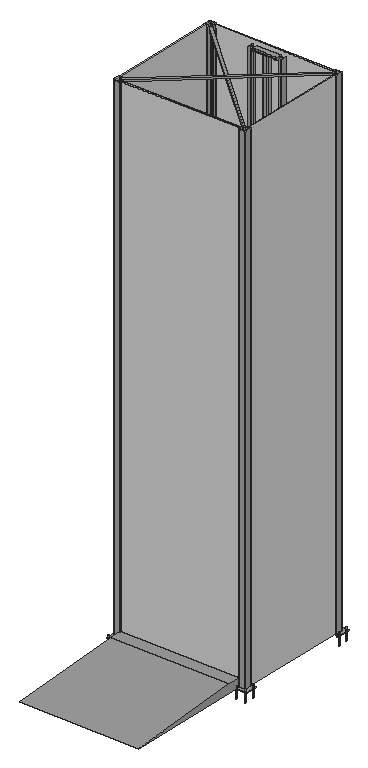
Revit family "SE_Trez_TC_T_500_With_Ramp", category Specialty Equipment, Revit 2019
Family settings
  Round Connector Dimension = Use Diameter
  Part Type = Normal
  Work Plane-Based = No
  Always vertical = Yes
  Cut with Voids When Loaded = Yes
  Shared = No
  Room Calculation Point = No
Parameters (values of type "Platform-1800x1400mm with Door Height 2500mm")
  Side Clearance = 105.0 mm  # constant formula
  Safe Working Load = 500.00 kg  # constant formula
  Safe Space = if(Cabin or Platform = Cabin, 900.0 mm, if(and(Cabin or Platform = Platform, Door Clear Height > 1900.0 mm), 600.0 mm, 0.0 mm))  # 600.0 mm
  Platform = Speciality_Equipment_Trez_Platform_Sgl_C : Platform
  Door Clear Width = Real Width  # 1800.0 mm
  Door Clear Height = 2500.0 mm
  D-Side = yes
  Clear Width = 1800.0 mm
  URL = "https://trez.bg/en/products/goods-only-lift-tc/tc-t-tower/"
  Tower Width = Real Width + 2 * Side Clearance  # 2010.0 mm
  Tower Depth = Real Depth + Side Clearance + Clearance  # 1830.0 mm
  Tower Cladding Material = TREZ_Steel_Cladding
  Real Width = if(Clear Width < 750.0 mm, 750.0 mm, if(Clear Width > 1800.0 mm, 1800.0 mm, Clear Width))  # 1800.0 mm
  Real Depth = if(Clear Depth < 800.0 mm, 800.0 mm, if(Clear Depth > 1400.0 mm, 1400.0 mm, Clear Depth))  # 1400.0 mm
  Profiles Material = TREZ_Steel
  Platform Material = TREZ_Steel
  Ramp Height = 120.0 mm  # constant formula
  Travel = 4500.0 mm
  Rail Height = Travel + Headroom  # 7600.0 mm
  Model = "TC T 500"
  Manufacturer = "TREZ Ltd."
  Headroom = Door Clear Height + Safe Space  # 3100.0 mm
  Description = "TC T is the best choice when the budget is small, but the safety requirements are high. TC T is not fixed forever to the building. It can be installed directly on the ground floor and later dismounted and installed in another place. The TC T complies with the machinery directive 2006/42/EC. From the menu below, you can choose the lift and the tower options to fit perfectly for your project."  # constant formula
  Clear Depth = 1400.0 mm
  Created By URL = "https://all1studio.com/"
  Created By = "All 1 Studio Ltd."
  Clearance = 325.0 mm  # constant formula
  Cabin or Platform = Speciality_Equipment_Trez_Platform_Sgl_C : Platform
  Cabin = Speciality_Equipment_Trez_Cabin_Sgl_C : Cabin
  C-Side = 1 = 1  # yes
  B-Side = yes
  A-Side = no
Reference planes
  plane 1 "Center (Front/Back)": y = 0
  plane 2: z = 0
  plane 3 "Center (Left/Right)": x = 0
  plane 4: x = -900
  plane 5: x = 900
  plane 6: y = 700
  plane 7: y = -700
  plane 8: x = 1005
  plane 9: y = 1025
  plane 10: x = -1005
  plane 11: y = -805
  plane 12: x = 950
  plane 13: x = -950
  plane 14: y = 970
  plane 15: y = -750
  plane 16: z = 4500
  plane 17 "Top of Lift": z = 7600
  plane 18 "Ramp": z = 120
  plane 19: x = -958.5
  plane 20: x = 958.5
  plane 21: x = -989.032
  plane 22: x = -971.032
  plane 23: y = 1009
  plane 24: y = 991
  plane 25: x = 989
  plane 26: x = 971
  plane 27: y = -789
  plane 28: y = -771
  plane 29: x = -1065
  plane 30: y = 1085
  plane 31: x = 1065
  plane 32: y = -865
  plane 33: z = 7540
  plane 34: z = 40
  plane 35: z = -145
  plane 36: y = 838.5
  plane 37: y = 1235
  plane 38: x = -900
  plane 39: y = -700
  plane 40: x = 900
  plane 41: y = 920
Forms (mm)
  Extrusion 1, solid, material "TREZ_Steel_Cladding" <- "Tower Cladding Material", detail levels coarse+medium
    sketch origin (0, 0, 0) x (1, 0, 0) y (0, 1, 0)
      loop
        line (-1005, -805) -> (-900, -805) -> (-900, -789) -> (900, -789) -> (900, -805) -> (1005, -805) -> (1005, -700) -> (989, -700) -> (989, 920) -> (1005, 920) -> (1005, 1025) -> (900, 1025) -> (900, 1009) -> (-900, 1009) -> (-900, 1025) -> (-1005, 1025) -> (-1005, 920) -> (-989.032, 920) -> (-989.032, -700) -> (-1005, -700) -> (-1005, -805)
      loop
        line (-950, -750) -> (-900, -750) -> (-900, -771) -> (900, -771) -> (900, -750) -> (950, -750) -> (950, -700) -> (971, -700) -> (971, 920) -> (950, 920) -> (950, 970) -> (900, 970) -> (900, 991) -> (-900, 991) -> (-900, 970) -> (-950, 970) -> (-950, 920) -> (-971.032, 920) -> (-971.032, -700) -> (-950, -700) -> (-950, -750)
    from 0 to 7600
  Extrusion 2, solid, material "TREZ_Steel" <- "Profiles Material", detail levels fine
    sketch origin (0, 0, 0) x (1, 0, 0) y (0, 1, 0)
      loop
        arc (-1005, -798) -> (-1002.95, -802.95) -> (-998, -805) r 7
        line (-998, -805) -> (-907, -805)
        arc (-907, -805) -> (-902.05, -802.95) -> (-900, -798) r 7
        line (-900, -798) -> (-900, -757)
        arc (-900, -757) -> (-902.05, -752.05) -> (-907, -750) r 7
        line (-907, -750) -> (-943, -750)
        arc (-943, -750) -> (-947.95, -747.95) -> (-950, -743) r 7
        line (-950, -743) -> (-950, -707)
        arc (-950, -707) -> (-952.05, -702.05) -> (-957, -700) r 7
        line (-957, -700) -> (-998, -700)
        arc (-998, -700) -> (-1002.95, -702.05) -> (-1005, -707) r 7
        line (-1005, -707) -> (-1005, -798)
      loop
        line (-903, -798) -> (-903, -757)
        arc (-903, -757) -> (-904.172, -754.172) -> (-907, -753) r 4
        line (-907, -753) -> (-943, -753)
        arc (-943, -753) -> (-950.071, -750.071) -> (-953, -743) r 10
        line (-953, -743) -> (-953, -707)
        arc (-953, -707) -> (-954.172, -704.172) -> (-957, -703) r 4
        line (-957, -703) -> (-998, -703)
        arc (-998, -703) -> (-1000.828, -704.172) -> (-1002, -707) r 4
        line (-1002, -707) -> (-1002, -798)
        arc (-1002, -798) -> (-1000.828, -800.828) -> (-998, -802) r 4
        line (-998, -802) -> (-907, -802)
        arc (-907, -802) -> (-904.172, -800.828) -> (-903, -798) r 4
      loop
        line (1005, -798) -> (1005, -707)
        arc (1005, -707) -> (1002.95, -702.05) -> (998, -700) r 7
        line (998, -700) -> (957, -700)
        arc (957, -700) -> (952.05, -702.05) -> (950, -707) r 7
        line (950, -707) -> (950, -743)
        arc (950, -743) -> (947.95, -747.95) -> (943, -750) r 7
        line (943, -750) -> (907, -750)
        arc (907, -750) -> (902.05, -752.05) -> (900, -757) r 7
        line (900, -757) -> (900, -798)
        arc (900, -798) -> (902.05, -802.95) -> (907, -805) r 7
        line (907, -805) -> (998, -805)
        arc (998, -805) -> (1002.95, -802.95) -> (1005, -798) r 7
      loop
        arc (903, -798) -> (904.172, -800.828) -> (907, -802) r 4
        line (907, -802) -> (998, -802)
        arc (998, -802) -> (1000.828, -800.828) -> (1002, -798) r 4
        line (1002, -798) -> (1002, -707)
        arc (1002, -707) -> (1000.828, -704.172) -> (998, -703) r 4
        line (998, -703) -> (957, -703)
        arc (957, -703) -> (954.172, -704.172) -> (953, -707) r 4
        line (953, -707) -> (953, -743)
        arc (953, -743) -> (950.071, -750.071) -> (943, -753) r 10
        line (943, -753) -> (907, -753)
        arc (907, -753) -> (904.172, -754.172) -> (903, -757) r 4
        line (903, -757) -> (903, -798)
      loop
        line (-1005, 1018) -> (-1005, 927)
        arc (-1005, 927) -> (-1002.95, 922.05) -> (-998, 920) r 7
        line (-998, 920) -> (-957, 920)
        arc (-957, 920) -> (-952.05, 922.05) -> (-950, 927) r 7
        line (-950, 927) -> (-950, 963)
        arc (-950, 963) -> (-947.95, 967.95) -> (-943, 970) r 7
        line (-943, 970) -> (-907, 970)
        arc (-907, 970) -> (-902.05, 972.05) -> (-900, 977) r 7
        line (-900, 977) -> (-900, 1018)
        arc (-900, 1018) -> (-902.05, 1022.95) -> (-907, 1025) r 7
        line (-907, 1025) -> (-998, 1025)
        arc (-998, 1025) -> (-1002.95, 1022.95) -> (-1005, 1018) r 7
      loop
        arc (-903, 1018) -> (-904.172, 1020.828) -> (-907, 1022) r 4
        line (-907, 1022) -> (-998, 1022)
        arc (-998, 1022) -> (-1000.828, 1020.828) -> (-1002, 1018) r 4
        line (-1002, 1018) -> (-1002, 927)
        arc (-1002, 927) -> (-1000.828, 924.172) -> (-998, 923) r 4
        line (-998, 923) -> (-957, 923)
        arc (-957, 923) -> (-954.172, 924.172) -> (-953, 927) r 4
        line (-953, 927) -> (-953, 963)
        arc (-953, 963) -> (-950.071, 970.071) -> (-943, 973) r 10
        line (-943, 973) -> (-907, 973)
        arc (-907, 973) -> (-904.172, 974.172) -> (-903, 977) r 4
        line (-903, 977) -> (-903, 1018)
      loop
        arc (1005, 1018) -> (1002.95, 1022.95) -> (998, 1025) r 7
        line (998, 1025) -> (907, 1025)
        arc (907, 1025) -> (902.05, 1022.95) -> (900, 1018) r 7
        line (900, 1018) -> (900, 977)
        arc (900, 977) -> (902.05, 972.05) -> (907, 970) r 7
        line (907, 970) -> (943, 970)
        arc (943, 970) -> (947.95, 967.95) -> (950, 963) r 7
        line (950, 963) -> (950, 927)
        arc (950, 927) -> (952.05, 922.05) -> (957, 920) r 7
        line (957, 920) -> (998, 920)
        arc (998, 920) -> (1002.95, 922.05) -> (1005, 927) r 7
        line (1005, 927) -> (1005, 1018)
      loop
        line (903, 1018) -> (903, 977)
        arc (903, 977) -> (904.172, 974.172) -> (907, 973) r 4
        line (907, 973) -> (943, 973)
        arc (943, 973) -> (950.071, 970.071) -> (953, 963) r 10
        line (953, 963) -> (953, 927)
        arc (953, 927) -> (954.172, 924.172) -> (957, 923) r 4
        line (957, 923) -> (998, 923)
        arc (998, 923) -> (1000.828, 924.172) -> (1002, 927) r 4
        line (1002, 927) -> (1002, 1018)
        arc (1002, 1018) -> (1000.828, 1020.828) -> (998, 1022) r 4
        line (998, 1022) -> (907, 1022)
        arc (907, 1022) -> (904.172, 1020.828) -> (903, 1018) r 4
    from 5 to 7600
  Extrusion 3, solid, material "TREZ_Steel_Cladding" <- "Tower Cladding Material", detail levels fine
    sketch origin (0, 0, 0) x (1, 0, 0) y (0, 1, 0)
      loop
        line (989, 920) -> (971, 920) -> (971, -700) -> (989, -700) -> (989, 920)
      loop
        line (900, 1009) -> (-900, 1009) -> (-900, 991) -> (900, 991) -> (900, 1009)
      loop
        line (900, -771) -> (-900, -771) -> (-900, -789) -> (900, -789) -> (900, -771)
      loop
        line (-971.032, -700) -> (-971.032, 920) -> (-989.032, 920) -> (-989.032, -700) -> (-971.032, -700)
    from 0 to 7600
  Extrusion 4, solid, material "TREZ_Steel" <- "Profiles Material", detail levels fine
    sketch origin (0, 0, 0) x (1, 0, 0) y (0, 1, 0)
      loop
        arc (-887, -865) -> (-882.05, -862.95) -> (-880, -858) r 7
        line (-880, -858) -> (-880, -805) -> (-900, -805) -> (-900, -750) -> (-950, -750) -> (-950, -700) -> (-1005, -700) -> (-1005, -680) -> (-1058, -680)
        arc (-1058, -680) -> (-1062.95, -682.05) -> (-1065, -687) r 7
        line (-1065, -687) -> (-1065, -858)
        arc (-1065, -858) -> (-1062.95, -862.95) -> (-1058, -865) r 7
        line (-1058, -865) -> (-887, -865)
      loop
        line (887, -865) -> (1058, -865)
        arc (1058, -865) -> (1062.95, -862.95) -> (1065, -858) r 7
        line (1065, -858) -> (1065, -687)
        arc (1065, -687) -> (1062.95, -682.05) -> (1058, -680) r 7
        line (1058, -680) -> (1005, -680) -> (1005, -700) -> (950, -700) -> (950, -750) -> (900, -750) -> (900, -805) -> (880, -805) -> (880, -858)
        arc (880, -858) -> (882.05, -862.95) -> (887, -865) r 7
      loop
        line (-887, 1085) -> (-1058, 1085)
        arc (-1058, 1085) -> (-1062.95, 1082.95) -> (-1065, 1078) r 7
        line (-1065, 1078) -> (-1065, 907)
        arc (-1065, 907) -> (-1062.95, 902.05) -> (-1058, 900) r 7
        line (-1058, 900) -> (-1005, 900) -> (-1005, 920) -> (-950, 920) -> (-950, 970) -> (-900, 970) -> (-900, 1025) -> (-880, 1025) -> (-880, 1078)
        arc (-880, 1078) -> (-882.05, 1082.95) -> (-887, 1085) r 7
      loop
        arc (887, 1085) -> (882.05, 1082.95) -> (880, 1078) r 7
        line (880, 1078) -> (880, 1025) -> (900, 1025) -> (900, 970) -> (950, 970) -> (950, 920) -> (1005, 920) -> (1005, 900) -> (1058, 900)
        arc (1058, 900) -> (1062.95, 902.05) -> (1065, 907) r 7
        line (1065, 907) -> (1065, 1078)
        arc (1065, 1078) -> (1062.95, 1082.95) -> (1058, 1085) r 7
        line (1058, 1085) -> (887, 1085)
    from 5 to 0
  Sweep 5, solid, material "TREZ_Steel" <- "Profiles Material", detail levels fine
    path origin (0, 0, 7600) x (-1, 0, 0) y (0, -1, 0)
      loop
        line (950, 750) -> (-950, -970)
    profile origin (0, 110, 7600) x (-0.671118, 0.741351, 0) y (0, 0, 1)
      loop
        line (15, 0) -> (-15, 0) -> (-15, -30) -> (15, -30) -> (15, 0)
  Sweep 6, solid, material "TREZ_Steel" <- "Profiles Material", detail levels fine
    path origin (0, 0, 7600) x (-1, 0, 0) y (0, -1, 0)
      loop
        line (950, -970) -> (-950, 750)
    profile origin (0, 110, 7600) x (0.671118, 0.741351, 0) y (0, 0, 1)
      loop
        line (-15, -60) -> (15, -60) -> (15, -30) -> (-15, -30) -> (-15, -60)
  Extrusion 7, void
    sketch origin (0, 0, 7600) x (-1, 0, 0) y (0, -1, 0)
      loop
        arc (957, -705) -> (952.05, -707.05) -> (950, -712) r 7
        line (950, -712) -> (950, -963)
        arc (950, -963) -> (947.95, -967.95) -> (943, -970) r 7
        line (943, -970) -> (907, -970)
        arc (907, -970) -> (902.05, -972.05) -> (900, -977) r 7
        line (900, -977) -> (900, -1018)
        arc (900, -1018) -> (902.05, -1022.95) -> (907, -1025) r 7
        line (907, -1025) -> (998, -1025)
        arc (998, -1025) -> (1002.95, -1022.95) -> (1005, -1018) r 7
        line (1005, -1018) -> (1005, -712)
        arc (1005, -712) -> (1002.95, -707.05) -> (998, -705) r 7
        line (998, -705) -> (957, -705)
      loop
        arc (-900, -977) -> (-902.05, -972.05) -> (-907, -970) r 7
        line (-907, -970) -> (-943, -970)
        arc (-943, -970) -> (-947.95, -967.95) -> (-950, -963) r 7
        line (-950, -963) -> (-950, -712)
        arc (-950, -712) -> (-952.05, -707.05) -> (-957, -705) r 7
        line (-957, -705) -> (-998, -705)
        arc (-998, -705) -> (-1002.95, -707.05) -> (-1005, -712) r 7
        line (-1005, -712) -> (-1005, -1018)
        arc (-1005, -1018) -> (-1002.95, -1022.95) -> (-998, -1025) r 7
        line (-998, -1025) -> (-907, -1025)
        arc (-907, -1025) -> (-902.05, -1022.95) -> (-900, -1018) r 7
        line (-900, -1018) -> (-900, -977)
      loop
        arc (-957, 665) -> (-952.05, 667.05) -> (-950, 672) r 7
        line (-950, 672) -> (-950, 743)
        arc (-950, 743) -> (-947.95, 747.95) -> (-943, 750) r 7
        line (-943, 750) -> (-907, 750)
        arc (-907, 750) -> (-902.05, 752.05) -> (-900, 757) r 7
        line (-900, 757) -> (-900, 798)
        arc (-900, 798) -> (-902.05, 802.95) -> (-907, 805) r 7
        line (-907, 805) -> (-998, 805)
        arc (-998, 805) -> (-1002.95, 802.95) -> (-1005, 798) r 7
        line (-1005, 798) -> (-1005, 672)
        arc (-1005, 672) -> (-1002.95, 667.05) -> (-998, 665) r 7
        line (-998, 665) -> (-957, 665)
      loop
        arc (950, 672) -> (952.05, 667.05) -> (957, 665) r 7
        line (957, 665) -> (998, 665)
        arc (998, 665) -> (1002.95, 667.05) -> (1005, 672) r 7
        line (1005, 672) -> (1005, 798)
        arc (1005, 798) -> (1002.95, 802.95) -> (998, 805) r 7
        line (998, 805) -> (907, 805)
        arc (907, 805) -> (902.05, 802.95) -> (900, 798) r 7
        line (900, 798) -> (900, 757)
        arc (900, 757) -> (902.05, 752.05) -> (907, 750) r 7
        line (907, 750) -> (943, 750)
        arc (943, 750) -> (947.95, 747.95) -> (950, 743) r 7
        line (950, 743) -> (950, 672)
    from -60 to 0
  Extrusion 8, solid, material "TREZ_Steel" <- "Profiles Material", detail levels fine
    sketch origin (0, 0, 0) x (1, 0, 0) y (0, 1, 0)
      loop
        circle (-1040.697, -849.303) r 6
      loop
        circle (-895.697, -849.303) r 6
      loop
        circle (-1040.697, -704.303) r 6
      loop
        circle (1040.697, -849.303) r 6
      loop
        circle (895.697, -849.303) r 6
      loop
        circle (1040.697, -704.303) r 6
      loop
        circle (-1040.697, 1069.303) r 6
      loop
        circle (-895.697, 1069.303) r 6
      loop
        circle (-1040.697, 924.303) r 6
      loop
        circle (1040.697, 1069.303) r 6
      loop
        circle (895.697, 1069.303) r 6
      loop
        circle (1040.697, 924.303) r 6
    from -145 to 40
Cuts and joins
  Extrusion 7 cuts Sweep 5
  Extrusion 7 cuts Sweep 6
  joined: Extrusion 4, Extrusion 8
Lines and regions (mm)
  symbolic lines, style "Profiles"
    curve 1: line (-1005, 1025, 0) -> (-900, 1025, 0)
    curve 2: line (-900, 1025, 0) -> (-900, 970, 0)
    curve 3: line (-900, 970, 0) -> (-950, 970, 0)
    curve 4: line (-950, 970, 0) -> (-950, 920, 0)
    curve 5: line (-950, 920, 0) -> (-1005, 920, 0)
    curve 6: line (-1005, 920, 0) -> (-1005, 1025, 0)
    curve 7: line (900, 1025, 0) -> (1005, 1025, 0)
    curve 8: line (1005, 1025, 0) -> (1005, 920, 0)
    curve 9: line (1005, 920, 0) -> (950, 920, 0)
    curve 10: line (950, 920, 0) -> (950, 970, 0)
    curve 11: line (950, 970, 0) -> (900, 970, 0)
    curve 12: line (900, 970, 0) -> (900, 1025, 0)
    curve 13: line (-1005, -700, 0) -> (-950, -700, 0)
    curve 14: line (-950, -700, 0) -> (-950, -750, 0)
    curve 15: line (-950, -750, 0) -> (-900, -750, 0)
    curve 16: line (-900, -750, 0) -> (-900, -805, 0)
    curve 17: line (-900, -805, 0) -> (-1005, -805, 0)
    curve 18: line (-1005, -805, 0) -> (-1005, -700, 0)
    curve 19: line (900, -750, 0) -> (950, -750, 0)
    curve 20: line (950, -750, 0) -> (950, -700, 0)
    curve 21: line (950, -700, 0) -> (1005, -700, 0)
    curve 22: line (1005, -700, 0) -> (1005, -805, 0)
    curve 23: line (1005, -805, 0) -> (900, -805, 0)
    curve 24: line (900, -750, 0) -> (900, -805, 0)
    curve 25: line (989, 920, 0) -> (971, 920, 0)
    curve 26: line (989, -700, 0) -> (989, 920, 0)
    curve 27: line (971, -700, 0) -> (989, -700, 0)
    curve 28: line (971, 920, 0) -> (971, -700, 0)
    curve 29: line (900, -771, 0) -> (-900, -771, 0)
    curve 30: line (900, -789, 0) -> (900, -771, 0)
    curve 31: line (-900, -789, 0) -> (900, -789, 0)
    curve 32: line (-900, -771, 0) -> (-900, -789, 0)
    curve 33: line (-971.032, -700, 0) -> (-989.032, -700, 0)
    curve 34: line (-971.032, 920, 0) -> (-971.032, -700, 0)
    curve 35: line (-989.032, 920, 0) -> (-971.032, 920, 0)
    curve 36: line (-989.032, -700, 0) -> (-989.032, 920, 0)
    curve 37: line (-900, 991, 0) -> (900, 991, 0)
    curve 38: line (-900, 1009, 0) -> (-900, 991, 0)
    curve 39: line (900, 1009, 0) -> (-900, 1009, 0)
    curve 40: line (900, 991, 0) -> (900, 1009, 0)
  symbolic lines, style "Platform"
    curve 41: line (-900, 700, 0) -> (900, 700, 0)
    curve 42: line (-900, -700, 0) -> (-900, 700, 0)
    curve 43: line (900, -700, 0) -> (-900, -700, 0)
    curve 44: line (900, 700, 0) -> (900, -700, 0)
    curve 45: line (-900, 700, 0) -> (900, -700, 0)
    curve 46: line (900, 700, 0) -> (-900, -700, 0)
  model lines, style "Profiles", detail levels coarse+medium
    curve 47: line (-950, 970, 7600) -> (950, -750, 7600)
    curve 48: line (950, 970, 7600) -> (-950, -750, 7600)
Dimensions and locks
  equal spacing: plane 4, plane 3 "Center (Left/Right)", plane 5
  "Real Width": plane 4 to plane 5
  equal spacing: plane 7, plane 1 "Center (Front/Back)", plane 6
  "Real Depth": plane 7 to plane 6
  "Side Clearance": plane 7 to plane 11
  locked: plane 12 to plane 8 at 55
  locked: plane 10 to plane 13 at 55
  locked: plane 14 to plane 9 at 55
  locked: plane 15 to plane 11 at 55
  "Travel": plane 16 to level
  locked: plane 10 to plane 19 at 46.5
  locked: plane 20 to plane 8 at 46.5
  plane 10 to plane 21 to plane 22 = 15.968 mm locked, 18.0 mm locked
  plane 24 to plane 23 to plane 9 = 18.0 mm locked, 16.0 mm locked
  plane 26 to plane 25 to plane 8 = 18.0 mm locked, 16.0 mm locked
  plane 28 to plane 27 to plane 11 = 18.0 mm locked, 16.0 mm locked
  locked: plane 29 to plane 10 at 60
  locked: plane 9 to plane 30 at 60
  locked: plane 8 to plane 31 at 60
  locked: plane 11 to plane 32 at 60
  "Headroom": plane 17 "Top of Lift" to plane 16
  locked: plane 17 "Top of Lift" to plane 33 at 60
  locked: plane 34 to level at 40
  locked: level to plane 35 at 145
  "Clearance": plane 6 to plane 9
  locked: plane 36 to plane 9 at 186.5
  locked: plane 9 to plane 37 at 210
  "Side Clearance": plane 10 to plane 4
  "Side Clearance": plane 5 to plane 8
  locked: plane 10 to plane 38 at 105
  locked: plane 39 to plane 11 at 105
  locked: plane 40 to plane 8 at 105
  locked: plane 41 to plane 9 at 105
  plane 9 to plane 11 = 1830.0 mm
  plane 10 to plane 8 = 2010.0 mm
  "Ramp Height": plane 18 "Ramp" to level
  aligned and locked: level to plane 2
  aligned and locked: plane 10 to Extrusion 1 sketch curve
  aligned and locked: plane 13 to Extrusion 1 sketch curve
  aligned and locked: plane 17 "Top of Lift" to Extrusion 1
  aligned and locked: plane 1 "Center (Front/Back)" to nested 1
  aligned and locked: plane 3 "Center (Left/Right)" to nested 1
  aligned and locked: plane 17 "Top of Lift" to Extrusion 2
  aligned and locked: Extrusion 3 sketch curve to plane 25
  aligned and locked: plane 26 to Extrusion 3 sketch curve
  aligned and locked: Extrusion 3 sketch curve to plane 23
  aligned and locked: plane 24 to Extrusion 3 sketch curve
  aligned and locked: plane 28 to Extrusion 3 sketch curve
  aligned and locked: Extrusion 3 sketch curve to plane 27
  aligned and locked: Extrusion 3 sketch curve to plane 22
  aligned and locked: plane 21 to Extrusion 3 sketch curve
  aligned and locked: plane 17 "Top of Lift" to Extrusion 3
  aligned and locked: plane 14 to Sweep 5 sketch curve
  aligned and locked: plane 12 to Sweep 5 sketch curve
  aligned and locked: plane 13 to Sweep 5 sketch curve
  aligned and locked: plane 15 to Sweep 5 sketch curve
  aligned and locked: plane 12 to Sweep 6 sketch curve
  aligned and locked: plane 15 to Sweep 6 sketch curve
  aligned and locked: plane 14 to Sweep 6 sketch curve
  aligned and locked: plane 13 to Sweep 6 sketch curve
  aligned and locked: plane 33 to Extrusion 7
  aligned and locked: plane 17 "Top of Lift" to Extrusion 7
  aligned and locked: Extrusion 8 to plane 35
  aligned and locked: plane 34 to Extrusion 8
  aligned and locked: plane 16 to nested 1
  aligned and locked: nested 3 to plane 3 "Center (Left/Right)"
  aligned and locked: plane 36 to nested 3
  aligned and locked: nested 2 to plane 3 "Center (Left/Right)"
  aligned and locked: nested 2 to plane 37
  aligned and locked: plane 4 to curve 42
  aligned and locked: Extrusion 3 sketch curve to plane 40
  aligned and locked: nested 4 to plane 3 "Center (Left/Right)"
  aligned and locked: plane 27 to nested 4
  aligned and locked: nested 3 to level
Automatic sketch dimensions
  plane 9 to Extrusion 7 sketch curve = 0.0 mm  (x2)
  plane 14 to Extrusion 7 sketch curve = 0.0 mm  (x2)
  Extrusion 7 sketch curve to plane 13 = 0.0 mm  (x2)
  Extrusion 7 sketch curve to plane 10 = 0.0 mm  (x2)
  Extrusion 7 sketch curve to Extrusion 7 sketch curve = 7.0 mm  (x9)
  plane 13 to Extrusion 7 sketch curve = 43.0 mm
  Extrusion 7 sketch curve to Extrusion 7 sketch curve = 36.0 mm  (x2)
  plane 19 to Extrusion 7 sketch curve = 1.5 mm  (x2)
  plane 10 to Extrusion 7 sketch curve = 7.0 mm
  Extrusion 7 sketch curve to plane 6 = 12.0 mm
  Extrusion 7 sketch curve to plane 8 = 0.0 mm  (x2)
  Extrusion 7 sketch curve to plane 12 = 0.0 mm  (x2)
  Extrusion 7 sketch curve to plane 6 = 5.0 mm
  plane 8 to Extrusion 7 sketch curve = 7.0 mm  (x3)
  plane 20 to Extrusion 7 sketch curve = 1.5 mm  (x2)
  Extrusion 7 sketch curve to plane 14 = 7.0 mm
  Extrusion 7 sketch curve to plane 11 = 0.0 mm  (x2)
  Extrusion 7 sketch curve to plane 15 = 0.0 mm  (x2)
  plane 12 to Extrusion 7 sketch curve = 7.0 mm
  plane 11 to Extrusion 7 sketch curve = 7.0 mm  (x2)
  plane 12 to Extrusion 7 sketch curve = 43.0 mm
  Extrusion 7 sketch curve to plane 15 = 7.0 mm
  plane 7 to Extrusion 7 sketch curve = 35.0 mm  (x2)
  plane 13 to Extrusion 7 sketch curve = 50.0 mm
  plane 13 to Extrusion 7 sketch curve = 7.0 mm
  curve 47 to plane 12 = 0.0 mm
  curve 48 to plane 12 = 0.0 mm
  curve 48 to plane 13 = 0.0 mm
  curve 47 to plane 13 = 0.0 mm
  plane 14 to curve 48 = 0.0 mm
  plane 14 to curve 47 = 0.0 mm
  curve 48 to plane 15 = 0.0 mm
  curve 47 to plane 15 = 0.0 mm
  plane 17 "Top of Lift" to Sweep 5 sketch curve = 0.0 mm
  profile plane to Sweep 5 sketch curve = 15.0 mm
  Sweep 5 sketch curve to profile plane = 15.0 mm
  Sweep 5 sketch curve to Sweep 5 sketch curve = 30.0 mm
  profile plane to Sweep 6 sketch curve = 15.0 mm
  Sweep 6 sketch curve to profile plane = 15.0 mm
  Sweep 6 sketch curve to plane 17 "Top of Lift" = 60.0 mm
  Sweep 6 sketch curve to plane 17 "Top of Lift" = 30.0 mm
  Extrusion 2 sketch curve to Extrusion 2 sketch curve = 0.0 mm  (x48)
  Extrusion 2 sketch curve to plane 10 = 0.0 mm  (x2)
  Extrusion 2 sketch curve to plane 11 = 0.0 mm  (x2)
  plane 41 to Extrusion 2 sketch curve = 0.0 mm  (x2)
  plane 9 to Extrusion 2 sketch curve = 0.0 mm  (x2)
  plane 39 to Extrusion 2 sketch curve = 0.0 mm  (x2)
  Extrusion 2 sketch curve to plane 13 = 0.0 mm  (x2)
  plane 14 to Extrusion 2 sketch curve = 0.0 mm  (x2)
  Extrusion 2 sketch curve to plane 15 = 0.0 mm  (x2)
  Extrusion 2 sketch curve to plane 38 = 0.0 mm  (x2)
  Extrusion 2 sketch curve to plane 40 = 0.0 mm  (x2)
  Extrusion 2 sketch curve to plane 12 = 0.0 mm  (x2)
  Extrusion 2 sketch curve to plane 8 = 0.0 mm  (x2)
  Extrusion 2 sketch curve to Extrusion 2 sketch curve = 3.0 mm  (x2)
  plane 10 to Extrusion 2 sketch curve = 3.0 mm
  plane 10 to Extrusion 2 sketch curve = 7.0 mm  (x2)
  Extrusion 2 sketch curve to Extrusion 2 sketch curve = 4.0 mm  (x12)
  plane 19 to Extrusion 2 sketch curve = 1.5 mm  (x2)
  Extrusion 2 sketch curve to Extrusion 2 sketch curve = 7.0 mm  (x2)
  plane 13 to Extrusion 2 sketch curve = 7.0 mm
  Extrusion 2 sketch curve to plane 40 = 3.0 mm
  Extrusion 2 sketch curve to plane 40 = 7.0 mm
  plane 12 to Extrusion 2 sketch curve = 7.0 mm
  plane 20 to Extrusion 2 sketch curve = 1.5 mm  (x2)
  plane 8 to Extrusion 2 sketch curve = 7.0 mm
  plane 9 to curve 1 = 0.0 mm
  curve 1 to plane 10 = 0.0 mm
  curve 13 to plane 10 = 0.0 mm
  curve 35 to plane 21 = 0.0 mm
  curve 34 to plane 22 = 0.0 mm
  curve 5 to plane 13 = 0.0 mm
  curve 14 to plane 13 = 0.0 mm
  curve 16 to plane 15 = 0.0 mm
  curve 16 to plane 38 = 0.0 mm
  plane 23 to curve 38 = 0.0 mm
  curve 38 to plane 38 = 0.0 mm
  curve 32 to plane 27 = 0.0 mm
  curve 32 to plane 38 = 0.0 mm
  curve 1 to plane 38 = 0.0 mm
  curve 45 to plane 5 = 0.0 mm
  plane 24 to curve 40 = 0.0 mm
  curve 40 to plane 40 = 0.0 mm
  plane 9 to curve 7 = 0.0 mm
  curve 7 to plane 40 = 0.0 mm
  curve 24 to plane 11 = 0.0 mm
  curve 24 to plane 40 = 0.0 mm
  curve 29 to plane 28 = 0.0 mm
  curve 29 to plane 40 = 0.0 mm
  curve 19 to plane 12 = 0.0 mm
  curve 10 to plane 12 = 0.0 mm
  curve 25 to plane 26 = 0.0 mm
  curve 26 to plane 25 = 0.0 mm
  curve 22 to plane 8 = 0.0 mm
  curve 7 to plane 8 = 0.0 mm
  curve 16 to plane 11 = 0.0 mm
  curve 19 to plane 15 = 0.0 mm
  plane 39 to curve 13 = 0.0 mm
  plane 39 to curve 26 = 0.0 mm
  plane 39 to curve 33 = 0.0 mm
  plane 39 to curve 22 = 0.0 mm
  plane 41 to curve 25 = 0.0 mm
  plane 41 to curve 10 = 0.0 mm
  plane 41 to curve 36 = 0.0 mm
  plane 41 to curve 4 = 0.0 mm
  plane 14 to curve 12 = 0.0 mm
  plane 14 to curve 4 = 0.0 mm
  Extrusion 1 sketch curve to plane 10 = 0.0 mm
  Extrusion 1 sketch curve to plane 21 = 0.0 mm
  Extrusion 1 sketch curve to plane 22 = 0.0 mm
  Extrusion 1 sketch curve to plane 13 = 0.0 mm
  Extrusion 1 sketch curve to plane 15 = 0.0 mm  (x2)
  Extrusion 1 sketch curve to plane 38 = 0.0 mm  (x4)
  plane 24 to Extrusion 1 sketch curve = 0.0 mm
  Extrusion 1 sketch curve to plane 11 = 0.0 mm  (x2)
  plane 9 to Extrusion 1 sketch curve = 0.0 mm  (x2)
  Extrusion 1 sketch curve to plane 40 = 0.0 mm  (x4)
  plane 23 to Extrusion 1 sketch curve = 0.0 mm
  Extrusion 1 sketch curve to plane 12 = 0.0 mm  (x2)
  Extrusion 1 sketch curve to plane 26 = 0.0 mm
  Extrusion 1 sketch curve to plane 25 = 0.0 mm
  Extrusion 1 sketch curve to plane 8 = 0.0 mm  (x2)
  Extrusion 1 sketch curve to plane 27 = 0.0 mm
  Extrusion 1 sketch curve to plane 28 = 0.0 mm
  plane 39 to Extrusion 1 sketch curve = 0.0 mm  (x4)
  plane 41 to Extrusion 1 sketch curve = 0.0 mm  (x4)
  plane 14 to Extrusion 1 sketch curve = 0.0 mm  (x2)
  Extrusion 4 sketch curve to plane 29 = 0.0 mm  (x2)
  plane 30 to Extrusion 4 sketch curve = 0.0 mm  (x2)
  Extrusion 4 sketch curve to plane 32 = 0.0 mm  (x2)
  Extrusion 4 sketch curve to plane 10 = 0.0 mm  (x2)
  Extrusion 4 sketch curve to plane 13 = 0.0 mm  (x2)
  Extrusion 4 sketch curve to plane 11 = 0.0 mm  (x2)
  Extrusion 4 sketch curve to plane 38 = 0.0 mm  (x2)
  plane 14 to Extrusion 4 sketch curve = 0.0 mm  (x2)
  plane 9 to Extrusion 4 sketch curve = 0.0 mm  (x2)
  Extrusion 4 sketch curve to plane 40 = 0.0 mm  (x2)
  Extrusion 4 sketch curve to plane 15 = 0.0 mm  (x2)
  Extrusion 4 sketch curve to plane 12 = 0.0 mm  (x2)
  Extrusion 4 sketch curve to plane 8 = 0.0 mm  (x2)
  Extrusion 4 sketch curve to plane 31 = 0.0 mm  (x2)
  plane 39 to Extrusion 4 sketch curve = 0.0 mm  (x2)
  plane 41 to Extrusion 4 sketch curve = 0.0 mm  (x2)
  Extrusion 4 sketch curve to Extrusion 4 sketch curve = 7.0 mm  (x3)
  plane 29 to Extrusion 4 sketch curve = 7.0 mm  (x3)
  plane 38 to Extrusion 4 sketch curve = 13.0 mm  (x2)
  Extrusion 4 sketch curve to Extrusion 4 sketch curve = 20.0 mm  (x3)
  plane 40 to Extrusion 4 sketch curve = 20.0 mm
  plane 31 to Extrusion 4 sketch curve = 7.0 mm  (x4)
  Extrusion 4 sketch curve to plane 39 = 13.0 mm  (x2)
  plane 41 to Extrusion 4 sketch curve = 20.0 mm  (x2)
  plane 29 to Extrusion 8 sketch curve = 24.303 mm  (x4)
  plane 39 to Extrusion 8 sketch curve = 4.303 mm  (x2)
  Extrusion 8 sketch curve to plane 41 = 4.303 mm  (x2)
  plane 38 to Extrusion 8 sketch curve = 4.303 mm  (x2)
  plane 40 to Extrusion 8 sketch curve = 4.303 mm  (x2)
  plane 31 to Extrusion 8 sketch curve = 24.303 mm  (x4)
  plane 32 to Extrusion 8 sketch curve = 15.697 mm  (x4)
  plane 30 to Extrusion 8 sketch curve = 15.697 mm  (x4)
  Extrusion 3 sketch curve to plane 4 = 0.0 mm  (x2)
  Extrusion 3 sketch curve to plane 5 = 0.0 mm
  Extrusion 3 sketch curve to plane 7 = 0.0 mm  (x2)
  plane 41 to Extrusion 3 sketch curve = 0.0 mm  (x2)
  plane 6 to curve 46 = 0.0 mm
  curve 42 to plane 7 = 0.0 mm
  radius of Extrusion 8 sketch curve = 6.0 mm  (x12)
Nested families
  nested 1: "Speciality_Equipment_Trez_Platform_Sgl_C" at (0, 0, 4500), type <- "Cabin or Platform", type "Platform"
    with Width 1800.0 mm, Depth 1400.0 mm, D-Side yes, B-Side yes
  nested 2: "Electrical_Equpment_Trez_Cabinet" at (0, 1235, 0) x (-1, 0, 0) z (0, 0, 1), type "Cabinet"
  nested 3: "Generic_Model_Trez_Rails_Sgl_C" at (0, 838.5, 0) x (0, -1, 0) z (0, 0, 1), type "Rails"
    with Height 7600.0 mm
  nested 4: "Generic_Model_Trez_Ramp" at (0, -889, 0), type "4 Degree Ramp"
    with Ramp Width 1800.0 mm
Definition of nested family "Speciality_Equipment_Trez_Platform_Sgl_C"
  Parameters (values of type "Platform")
    Width = 1300.0 mm
    Platform Material = none
    Depth = 1000.0 mm
    D-Side = no
    C-Side = yes
    B-Side = no
    A-Side = no
  Reference planes
    plane 1 "Center (Front/Back)": y = 0
    plane 2 "Bottom": z = 0
    plane 3 "Center (Left/Right)": x = 0
    plane 4: x = 650
    plane 5: x = -650
    plane 6: y = 500
    plane 7: y = -500
    plane 8: y = 535
    plane 9: z = -89
    plane 10: z = 709
    plane 11: x = -685
    plane 12: x = 685
    plane 13: y = -535
  Forms (mm)
    Extrusion 1, solid, material <- "Platform Material", visible <- "C-Side"
      sketch origin (0, 0, 0) x (1, 0, 0) y (0, 1, 0)
        loop
          line (-650, 535) -> (-650, 500) -> (650, 500) -> (650, 535) -> (-650, 535)
      from -89 to 709
    Extrusion 2, solid, material <- "Platform Material", detail levels coarse+medium
      sketch origin (0, 0, 0) x (1, 0, 0) y (0, 0, 1)
        loop
          line (-650, 0) -> (-650, -89) -> (650, -89) -> (650, 0) -> (-650, 0)
      from -500 to 500
    Extrusion 3, solid, material <- "Platform Material", detail levels fine
      sketch origin (0, 0, 0) x (1, 0, 0) y (0, 0, 1)
        loop
          line (-650, 0) -> (-650, -74)
          arc (-650, -74) -> (-645.607, -84.607) -> (-635, -89) r 15
          line (-635, -89) -> (635, -89)
          arc (635, -89) -> (645.607, -84.607) -> (650, -74) r 15
          line (650, -74) -> (650, 0) -> (-650, 0)
      from -500 to 500
    Extrusion 4, solid, material <- "Platform Material", visible <- "A-Side"
      sketch origin (0, -1035, 0) x (1, 0, 0) y (0, 1, 0)
        loop
          line (-650, 535) -> (-650, 500) -> (650, 500) -> (650, 535) -> (-650, 535)
      from -89 to 709
    Extrusion 5, solid, material <- "Platform Material", visible <- "D-Side"
      sketch origin (31.413, 20.624, 0) x (0, -1, 0) y (1, 0, 0)
        loop
          line (-514.376, 653.587) -> (-514.376, 618.587) -> (555.624, 618.587) -> (555.624, 653.587) -> (-514.376, 653.587)
      from -89 to 709
    Extrusion 6, solid, material <- "Platform Material", visible <- "B-Side"
      sketch origin (-1003.587, 20.624, 0) x (0, -1, 0) y (1, 0, 0)
        loop
          line (-514.376, 353.587) -> (-514.376, 318.587) -> (555.624, 318.587) -> (555.624, 353.587) -> (-514.376, 353.587)
      from -89 to 709
  Dimensions and locks
    equal spacing: plane 5, plane 3 "Center (Left/Right)", plane 4
    "Width": plane 5 to plane 4
    equal spacing: plane 7, plane 1 "Center (Front/Back)", plane 6
    "Depth": plane 6 to plane 7
    locked: plane 8 to plane 6 at 35
    locked: plane 2 "Bottom" to plane 9 at 89
    locked: plane 10 to plane 2 "Bottom" at 709
    locked: plane 11 to plane 5 at 35
    locked: plane 4 to plane 12 at 35
    locked: plane 13 to plane 7 at 35
    aligned and locked: level to plane 2 "Bottom"
    aligned and locked: Extrusion 1 sketch curve to plane 8
    aligned and locked: Extrusion 2 sketch curve to plane 2 "Bottom"
    aligned and locked: Extrusion 2 sketch curve to plane 9
    aligned and locked: plane 6 to Extrusion 2
    aligned and locked: plane 7 to Extrusion 2
    aligned and locked: Extrusion 3 sketch curve to plane 2 "Bottom"
    aligned and locked: Extrusion 3 sketch curve to plane 9
    aligned and locked: plane 7 to Extrusion 3
    aligned and locked: plane 6 to Extrusion 3
    aligned and locked: Extrusion 1 to plane 9
    aligned and locked: plane 5 to Extrusion 3
    aligned and locked: plane 5 to Extrusion 2
    aligned and locked: plane 5 to Extrusion 1
    aligned and locked: plane 4 to Extrusion 3
    aligned and locked: plane 4 to Extrusion 2
    aligned and locked: plane 4 to Extrusion 1
    aligned and locked: Extrusion 4 to plane 7
    aligned and locked: plane 13 to Extrusion 4
    aligned and locked: plane 4 to Extrusion 4
    aligned and locked: plane 5 to Extrusion 4
    aligned and locked: plane 12 to Extrusion 5
    aligned and locked: Extrusion 5 to plane 4
    aligned and locked: plane 8 to Extrusion 5
    aligned and locked: plane 13 to Extrusion 5
    aligned and locked: plane 11 to Extrusion 6
    aligned and locked: Extrusion 6 to plane 5
    aligned and locked: plane 8 to Extrusion 6
    aligned and locked: plane 13 to Extrusion 6
  Automatic sketch dimensions
    Extrusion 1 sketch curve to plane 5 = 0.0 mm
    Extrusion 1 sketch curve to plane 4 = 0.0 mm
    Extrusion 1 sketch curve to plane 6 = 0.0 mm
    plane 5 to Extrusion 2 sketch curve = 0.0 mm
    Extrusion 2 sketch curve to plane 4 = 0.0 mm
    plane 5 to Extrusion 3 sketch curve = 0.0 mm
    Extrusion 3 sketch curve to plane 4 = 0.0 mm
    Extrusion 3 sketch curve to plane 5 = 15.0 mm
    Extrusion 3 sketch curve to plane 4 = 15.0 mm
    Extrusion 4 sketch curve to plane 5 = 0.0 mm
    Extrusion 4 sketch curve to plane 4 = 0.0 mm
    plane 13 to Extrusion 4 sketch curve = 0.0 mm
    plane 7 to Extrusion 4 sketch curve = 0.0 mm
    plane 8 to Extrusion 5 sketch curve = 0.0 mm
    plane 13 to Extrusion 5 sketch curve = 0.0 mm
    Extrusion 5 sketch curve to plane 12 = 35.0 mm
    Extrusion 5 sketch curve to Extrusion 5 sketch curve = 35.0 mm
    plane 8 to Extrusion 6 sketch curve = 0.0 mm
    plane 13 to Extrusion 6 sketch curve = 0.0 mm
    Extrusion 6 sketch curve to plane 12 = 1370.0 mm
    Extrusion 6 sketch curve to Extrusion 6 sketch curve = 35.0 mm
Definition of nested family "Electrical_Equpment_Trez_Cabinet"
  Parameters (values of type "SE_Trez_Cabinet")
    Width = 584.0 mm
    Depth = 348.0 mm
    Cabinet Material = none
  Reference planes
    plane 1 "Center (Front/Back)": y = 0
    plane 2: z = 0
    plane 3 "Center (Left/Right)": x = 0
    plane 4: x = -292
    plane 5: x = 292
    plane 6: y = 174
    plane 7: y = -174
    plane 8: z = 100
    plane 9: z = 1000
    plane 10: x = -257
    plane 11: x = 257
  Forms (mm)
    Extrusion 1, solid, material <- "Cabinet Material", detail levels fine
      sketch origin (0, 0, 0) x (1, 0, 0) y (0, 1, 0)
        loop
          line (-292, 174) -> (-292, -174) -> (292, -174) -> (292, 174) -> (-292, 174)
      from 100 to 1000
    Extrusion 2, solid, material <- "Cabinet Material", detail levels fine
      sketch origin (0, 0, 0) x (1, 0, 0) y (0, 1, 0)
        loop
          line (-257, 174) -> (-292, 174) -> (-292, -174) -> (-257, -174) -> (-257, 174)
        loop
          line (257, 174) -> (257, -174) -> (292, -174) -> (292, 174) -> (257, 174)
      from 0 to 100
    Extrusion 3, solid, detail levels coarse+medium
      sketch origin (0, 0, 0) x (1, 0, 0) y (0, 1, 0)
        loop
          line (-292, 174) -> (-292, -174) -> (292, -174) -> (292, 174) -> (-292, 174)
      from 0 to 1000
  Lines and regions (mm)
    symbolic lines
      curve 1: line (-292, 174, 0) -> (292, 174, 0)
      curve 2: line (-292, -174, 0) -> (-292, 174, 0)
      curve 3: line (292, -174, 0) -> (-292, -174, 0)
      curve 4: line (292, 174, 0) -> (292, -174, 0)
  Dimensions and locks
    equal spacing: plane 4, plane 3 "Center (Left/Right)", plane 5
    "Width": plane 4 to plane 5
    equal spacing: plane 7, plane 1 "Center (Front/Back)", plane 6
    "Depth": plane 7 to plane 6
    plane 9 to plane 8 to plane 2 = 900.0 mm locked, 100.0 mm locked
    aligned and locked: level to plane 2
    aligned and locked: plane 6 to Extrusion 1 sketch curve
    aligned and locked: plane 4 to Extrusion 1 sketch curve
    aligned and locked: plane 7 to Extrusion 1 sketch curve
    aligned and locked: plane 5 to Extrusion 1 sketch curve
    aligned and locked: plane 9 to Extrusion 1
    aligned and locked: Extrusion 1 to plane 8
    aligned and locked: Extrusion 2 sketch curve to plane 6
    aligned and locked: plane 10 to Extrusion 2 sketch curve
    aligned and locked: Extrusion 2 sketch curve to Extrusion 1  (x4)
    aligned and locked: plane 6 to Extrusion 2 sketch curve
    aligned and locked: Extrusion 2 sketch curve to plane 11
    aligned and locked: plane 8 to Extrusion 2
    aligned and locked: Extrusion 2 to level
    aligned and locked: Extrusion 3 sketch curve to Extrusion 1  (x4)
    aligned and locked: Extrusion 3 to plane 2
    aligned and locked: plane 9 to Extrusion 3
    aligned and locked: curve 1 to Extrusion 1
    aligned and locked: curve 2 to Extrusion 1
    aligned and locked: curve 3 to Extrusion 1
    aligned and locked: curve 4 to Extrusion 1
Definition of nested family "Generic_Model_Trez_Rails_Sgl_C"
  Parameters (values of type "Rails")
    Profiles Material = none
    Height = 7720.0 mm
  Reference planes
    plane 1 "Center (Front/Back)": y = 0
    plane 2: z = 0
    plane 3 "Center (Left/Right)": x = 0
    plane 4: x = 87.2
    plane 5: x = -87.2
    plane 6: y = 350
    plane 7: y = -350
    plane 8: z = 7720
    plane 9: z = 15
    plane 10: z = 7685
    plane 11: z = -95
  Forms (mm)
    Extrusion 1, solid, material <- "Profiles Material", detail levels fine
      sketch origin (0, 0, 0) x (1, 0, 0) y (0, 1, 0)
        loop
          line (77.2, 350) -> (-77.2, 350)
          arc (-77.2, 350) -> (-84.271, 347.071) -> (-87.2, 340) r 10
          line (-87.2, 340) -> (-87.2, -340)
          arc (-87.2, -340) -> (-84.271, -347.071) -> (-77.2, -350) r 10
          line (-77.2, -350) -> (77.2, -350)
          arc (77.2, -350) -> (84.271, -347.071) -> (87.2, -340) r 10
          line (87.2, -340) -> (87.2, 340)
          arc (87.2, 340) -> (84.271, 347.071) -> (77.2, 350) r 10
      from 0 to 15
    Extrusion 2, solid, material <- "Profiles Material", detail levels fine
      sketch origin (0, 0, 0) x (1, 0, 0) y (0, 1, 0)
        loop
          line (-61.5, -260) -> (28.5, -260) -> (28.5, -252) -> (-3.5, -252)
          arc (-3.5, -252) -> (-7.036, -250.536) -> (-8.5, -247) r 5
          line (-8.5, -247) -> (-8.5, -185) -> (-24.5, -185) -> (-24.5, -247)
          arc (-24.5, -247) -> (-25.964, -250.536) -> (-29.5, -252) r 5
          line (-29.5, -252) -> (-61.5, -252) -> (-61.5, -260)
        loop
          line (-37.94, -40) -> (-1.94, -40)
          arc (-1.94, -40) -> (8.667, -35.607) -> (13.06, -25) r 15
          line (13.06, -25) -> (13.06, 25)
          arc (13.06, 25) -> (8.667, 35.607) -> (-1.94, 40) r 15
          line (-1.94, 40) -> (-37.94, 40) -> (-37.94, -40)
        loop
          line (-61.5, 260) -> (-61.5, 252) -> (-29.5, 252)
          arc (-29.5, 252) -> (-25.964, 250.536) -> (-24.5, 247) r 5
          line (-24.5, 247) -> (-24.5, 185) -> (-8.5, 185) -> (-8.5, 247)
          arc (-8.5, 247) -> (-7.036, 250.536) -> (-3.5, 252) r 5
          line (-3.5, 252) -> (28.5, 252) -> (28.5, 260) -> (-61.5, 260)
      from 15 to 7720
    Extrusion 3, solid, material <- "Profiles Material", detail levels fine
      sketch origin (0, 0, 0) x (1, 0, 0) y (0, 0, 1)
        loop
          line (-51.5, 7720) -> (-51.5, 7690)
          arc (-51.5, 7690) -> (-50.036, 7686.464) -> (-46.5, 7685) r 5
          line (-46.5, 7685) -> (13.5, 7685)
          arc (13.5, 7685) -> (17.036, 7686.464) -> (18.5, 7690) r 5
          line (18.5, 7690) -> (18.5, 7720) -> (-51.5, 7720)
      from -185 to 185
    Extrusion 4, solid, material <- "Profiles Material", detail levels coarse+medium
      sketch origin (0, 0, 0) x (1, 0, 0) y (0, 1, 0)
        loop
          line (87.2, 350) -> (-87.2, 350) -> (-87.2, -350) -> (87.2, -350) -> (87.2, 350)
      from 0 to 15
    Extrusion 5, solid, material <- "Profiles Material", detail levels coarse+medium
      sketch origin (0, 0, 0) x (1, 0, 0) y (0, 1, 0)
        loop
          line (28.5, -185) -> (-61.5, -185) -> (-61.5, -260) -> (28.5, -260) -> (28.5, -185)
        loop
          line (-37.94, -40) -> (13.06, -40) -> (13.06, 40) -> (-37.94, 40) -> (-37.94, -40)
        loop
          line (-61.5, 260) -> (-61.5, 185) -> (28.5, 185) -> (28.5, 260) -> (-61.5, 260)
      from 15 to 7720
    Extrusion 6, solid, material <- "Profiles Material", detail levels coarse+medium
      sketch origin (0, 0, 0) x (1, 0, 0) y (0, 0, 1)
        loop
          line (-51.5, 7720) -> (-51.5, 7690)
          arc (-51.5, 7690) -> (-50.036, 7686.464) -> (-46.5, 7685) r 5
          line (-46.5, 7685) -> (13.5, 7685)
          arc (13.5, 7685) -> (17.036, 7686.464) -> (18.5, 7690) r 5
          line (18.5, 7690) -> (18.5, 7720) -> (-51.5, 7720)
      from -260 to 260
    Extrusion 7, solid, material <- "Profiles Material", detail levels fine
      sketch origin (0, 0, 0) x (1, 0, 0) y (0, 1, 0)
        loop
          circle (46.2, 222.5) r 7.5
        loop
          circle (-43.8, 222.5) r 7.5
        loop
          circle (-43.8, 132.5) r 7.5
        loop
          circle (46.2, -222.5) r 7.5
        loop
          circle (-43.8, -222.5) r 7.5
        loop
          circle (-43.8, -132.5) r 7.5
        loop
          circle (-43.8, -80) r 7.5
        loop
          circle (-43.8, 80) r 7.5
        loop
          circle (46.2, 0.052) r 7.5
      from -95 to 0
  Cuts and joins
    joined: Extrusion 2, Extrusion 3
    joined: Extrusion 5, Extrusion 6
  Lines and regions (mm)
    symbolic lines
      curve 1: line (28.5, 185, 0) -> (-61.5, 185, 0)
      curve 2: line (28.5, 260, 0) -> (28.5, 185, 0)
      curve 3: line (-61.5, 260, 0) -> (28.5, 260, 0)
      curve 4: line (-61.5, 185, 0) -> (-61.5, 260, 0)
      curve 5: line (13.06, 40, 0) -> (-37.94, 40, 0)
      curve 6: line (13.06, -40, 0) -> (13.06, 40, 0)
      curve 7: line (-37.94, -40, 0) -> (13.06, -40, 0)
      curve 8: line (-37.94, 40, 0) -> (-37.94, -40, 0)
      curve 9: line (28.5, -185, 0) -> (-61.5, -185, 0)
      curve 10: line (28.5, -260, 0) -> (28.5, -185, 0)
      curve 11: line (-61.5, -260, 0) -> (28.5, -260, 0)
      curve 12: line (-61.5, -185, 0) -> (-61.5, -260, 0)
      curve 13: line (87.2, -350, 0) -> (-87.2, -350, 0)
      curve 14: line (87.2, 350, 0) -> (87.2, -350, 0)
      curve 15: line (-87.2, 350, 0) -> (87.2, 350, 0)
      curve 16: line (-87.2, -350, 0) -> (-87.2, 350, 0)
  Dimensions and locks
    equal spacing: plane 5, plane 3 "Center (Left/Right)", plane 4
    plane 5 to plane 4 = 174.4 mm
    equal spacing: plane 6, plane 1 "Center (Front/Back)", plane 7
    "Height": plane 8 to plane 2
    locked: plane 9 to plane 2 at 15
    locked: plane 8 to Extrusion 3 sketch curve at 35
    locked: plane 8 to plane 10 at 35
    locked: plane 2 to plane 11 at 95
    aligned and locked: level to plane 2
    aligned and locked: Extrusion 1 sketch curve to plane 6
    aligned and locked: plane 4 to Extrusion 1 sketch curve
    aligned and locked: Extrusion 1 sketch curve to plane 7
    aligned and locked: plane 5 to Extrusion 1 sketch curve
    aligned and locked: plane 8 to Extrusion 2
    aligned and locked: Extrusion 1 to plane 9
    aligned and locked: plane 9 to Extrusion 2
    aligned and locked: Extrusion 4 sketch curve to plane 6
    aligned and locked: plane 4 to Extrusion 4 sketch curve
    aligned and locked: Extrusion 4 sketch curve to plane 7
    aligned and locked: plane 5 to Extrusion 4 sketch curve
    aligned and locked: Extrusion 4 to plane 9
    aligned and locked: Extrusion 4 to plane 2
    aligned and locked: plane 8 to Extrusion 5
    aligned and locked: plane 8 to Extrusion 3 sketch curve
    aligned and locked: Extrusion 3 to Extrusion 5  (x2)
    aligned and locked: Extrusion 7 to plane 11
    aligned and locked: plane 2 to Extrusion 7
  Automatic sketch dimensions
    Extrusion 2 sketch curve to plane 5 = 25.7 mm  (x2)
    Extrusion 2 sketch curve to plane 3 "Center (Left/Right)" = 29.5 mm  (x2)
    Extrusion 2 sketch curve to Extrusion 2 sketch curve = 5.0 mm
    Extrusion 2 sketch curve to plane 3 "Center (Left/Right)" = 24.5 mm
    Extrusion 2 sketch curve to plane 3 "Center (Left/Right)" = 8.5 mm  (x2)
    Extrusion 2 sketch curve to plane 3 "Center (Left/Right)" = 3.5 mm  (x2)
    Extrusion 2 sketch curve to plane 3 "Center (Left/Right)" = 1.94 mm  (x2)
    Extrusion 2 sketch curve to Extrusion 2 sketch curve = 15.0 mm
    plane 3 "Center (Left/Right)" to Extrusion 2 sketch curve = 28.5 mm  (x2)
    plane 7 to Extrusion 2 sketch curve = 90.0 mm
    Extrusion 2 sketch curve to Extrusion 2 sketch curve = 8.0 mm  (x3)
    Extrusion 2 sketch curve to Extrusion 2 sketch curve = 62.0 mm  (x2)
    Extrusion 2 sketch curve to plane 1 "Center (Front/Back)" = 25.0 mm
    plane 6 to Extrusion 2 sketch curve = 165.0 mm
    Extrusion 2 sketch curve to Extrusion 2 sketch curve = 0.0 mm
    Extrusion 2 sketch curve to plane 3 "Center (Left/Right)" = 37.94 mm
    plane 1 "Center (Front/Back)" to Extrusion 2 sketch curve = 40.0 mm
    Extrusion 3 sketch curve to Extrusion 3 sketch curve = 5.0 mm  (x2)
    plane 3 "Center (Left/Right)" to Extrusion 3 sketch curve = 13.5 mm
    Extrusion 3 sketch curve to plane 5 = 40.7 mm
    Extrusion 1 sketch curve to plane 5 = 10.0 mm
    Extrusion 1 sketch curve to Extrusion 1 sketch curve = 10.0 mm
    Extrusion 1 sketch curve to plane 4 = 10.0 mm  (x2)
    Extrusion 6 sketch curve to plane 8 = 0.0 mm
    Extrusion 6 sketch curve to plane 10 = 0.0 mm
    plane 10 to Extrusion 6 sketch curve = 5.0 mm  (x2)
    Extrusion 6 sketch curve to plane 5 = 35.7 mm
    plane 3 "Center (Left/Right)" to Extrusion 6 sketch curve = 13.5 mm
    curve 16 to plane 5 = 0.0 mm
    curve 15 to plane 4 = 0.0 mm
    curve 13 to plane 7 = 0.0 mm
    plane 6 to curve 15 = 0.0 mm
    curve 3 to plane 5 = 25.7 mm
    curve 12 to plane 5 = 25.7 mm
    curve 5 to plane 3 "Center (Left/Right)" = 37.94 mm
    plane 3 "Center (Left/Right)" to curve 5 = 13.06 mm
    plane 3 "Center (Left/Right)" to curve 11 = 28.5 mm
    plane 3 "Center (Left/Right)" to curve 2 = 28.5 mm
    plane 7 to curve 11 = 90.0 mm
    curve 10 to curve 10 = 75.0 mm
    plane 1 "Center (Front/Back)" to curve 7 = 40.0 mm
    curve 5 to plane 1 "Center (Front/Back)" = 40.0 mm
    plane 6 to curve 2 = 165.0 mm
    curve 1 to curve 3 = 75.0 mm
    Extrusion 7 sketch curve to plane 5 = 43.4 mm  (x6)
    Extrusion 7 sketch curve to plane 4 = 41.0 mm  (x3)
    plane 7 to Extrusion 7 sketch curve = 127.5 mm
    Extrusion 7 sketch curve to Extrusion 7 sketch curve = 0.0 mm  (x2)
    Extrusion 7 sketch curve to Extrusion 7 sketch curve = 90.0 mm  (x2)
    plane 6 to Extrusion 7 sketch curve = 217.5 mm
    Extrusion 7 sketch curve to plane 1 "Center (Front/Back)" = 0.052 mm
    plane 1 "Center (Front/Back)" to Extrusion 7 sketch curve = 80.0 mm
    Extrusion 7 sketch curve to plane 1 "Center (Front/Back)" = 80.0 mm
    Extrusion 5 sketch curve to plane 5 = 25.7 mm  (x2)
    Extrusion 5 sketch curve to plane 3 "Center (Left/Right)" = 37.94 mm
    plane 3 "Center (Left/Right)" to Extrusion 5 sketch curve = 13.06 mm
    plane 3 "Center (Left/Right)" to Extrusion 5 sketch curve = 28.5 mm  (x2)
    plane 1 "Center (Front/Back)" to Extrusion 5 sketch curve = 40.0 mm
    Extrusion 5 sketch curve to plane 1 "Center (Front/Back)" = 40.0 mm
    Extrusion 5 sketch curve to Extrusion 5 sketch curve = 145.0 mm  (x2)
    Extrusion 5 sketch curve to Extrusion 5 sketch curve = 75.0 mm  (x2)
    radius of Extrusion 7 sketch curve = 7.5 mm  (x9)
Definition of nested family "Generic_Model_Trez_Ramp"
  Parameters (values of type "4 Degree Ramp")
    Ramp Width = 2880.0 mm
    Ramp Material = none
    Ramp Length = Ramp Height / sin(Ramp Angle)  # 1720.27 mm
    Ramp Height = 120.0 mm
    Ramp Angle = 4.00°
  Reference planes
    plane 1 "End Of Slope": y = -100
    plane 2: z = 0
    plane 3 "Center (Left/Right)": x = 0
    plane 4: x = -1440
    plane 5: x = 1440
    plane 6 "Back": y = 100
    plane 7 "Front": y = -1820.27
    plane 8: z = 120
  Forms (mm)
    Extrusion 1, solid, material <- "Ramp Material"
      sketch origin (0, 0, 0) x (0, 1, 0) y (0, 0, 1)
        loop
          line (100, 120) -> (-100, 120) -> (-1820.27, 0) -> (100, 0) -> (100, 120)
      from -1440 to 1440
  Dimensions and locks
    equal spacing: plane 4, plane 3 "Center (Left/Right)", plane 5
    "Ramp Width": plane 4 to plane 5
    locked: plane 1 "End Of Slope" to plane 6 "Back" at 200
    "Ramp Length": plane 7 "Front" to plane 1 "End Of Slope"
    "Ramp Height": plane 8 to plane 2
    aligned and locked: level to plane 2
    aligned and locked: Extrusion 1 to plane 5
    aligned and locked: Extrusion 1 to plane 4
  Automatic sketch dimensions
    Extrusion 1 sketch curve to plane 7 "Front" = 0.0 mm
    Extrusion 1 sketch curve to plane 1 "End Of Slope" = 0.0 mm
    Extrusion 1 sketch curve to level = 0.0 mm
    Extrusion 1 sketch curve to plane 6 "Back" = 0.0 mm
    Extrusion 1 sketch curve to plane 8 = 0.0 mm
